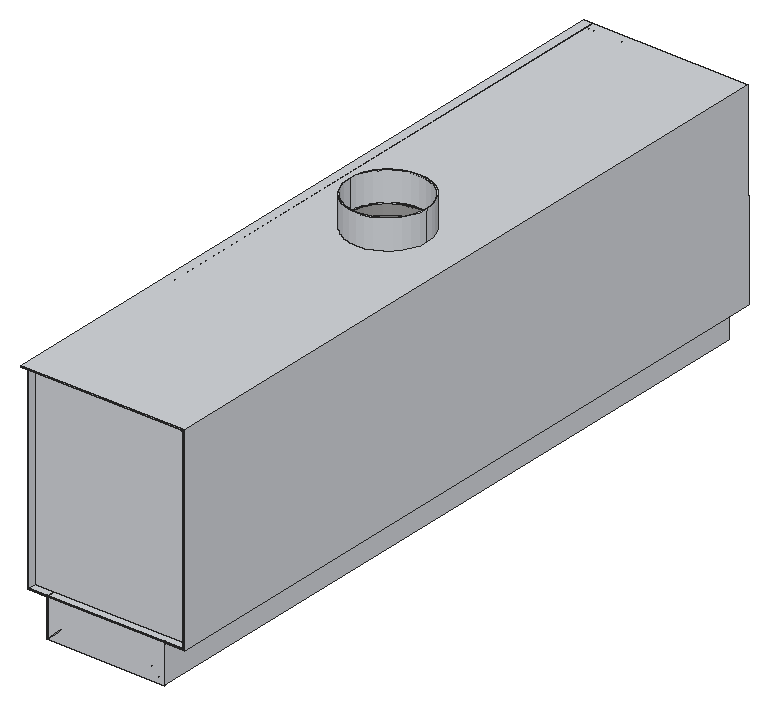
Revit family "Plenum (P-N, P-L) (Arrangement G)", category Mechanical Equipment, Revit 2015
Parameters
  Width = 0' - 6"
  URL = "https://unitedenertech.com/catalog/pdf/I_2%20Model%20P-N,%20P-L,%20P-EX,%20P-N-SL,%20P-L-SL,%20P-EX-SL.pdf"
  Type Comments = "Consult Factory for Max. Sizes"
  P-L (Insulation Option) = yes
  Model = "P-N / P-L (Arrangement G)"
  Manufacturer = "United Enertech Corporation"
  Length = 3' - 0"
  Keynote = "Model Shown without Damper Option. Consult Factory for Models with Dampers."
  Inlet Size = 0' - 4"
  Inlet Radius OD [instance] = Inlet Size / 2  # 0' - 2"
  Inlet Radius ID [instance] = Inlet Radius OD - 0' 0 9/256"  # 0' - 1 247/256"
  Hem Option = yes
  Height = 1' - 0"
  Description = "Plenum for Diffusers"
  B = 0' - 1"
  A = 0' - 2"
Reference planes (in)
  plane 1 "Center (Front/Back)": y = 0
  plane 2: z = 0
  plane 3 "Center (Left/Right)": x = 0
  plane 4: x = 8
  plane 5: x = 0.035
  plane 6: x = 7.965
  plane 7: z = 12
  plane 8: z = 11.965
  plane 9: z = 11.93
  plane 10: z = 11
  plane 11: z = 2
  plane 12: z = 7
  plane 13: z = 9
  plane 14: y = 18
  plane 15: y = -18
  plane 16: y = 2
  plane 17: y = -2
  plane 18: y = -17.965
  plane 19: y = 17.965
  plane 20: x = -0.375
  plane 21: y = 17.59
  plane 22: y = 17.55484
  plane 23: y = -17.59
  plane 24: y = -17.55484
  plane 25: z = 1.96484
  plane 26: x = 0.07016
  plane 27: x = 7.92984
  plane 28: y = 17.05484
  plane 29: x = 0.57016
  plane 30: x = 7.42984
  plane 31: y = -17.05484
  plane 32: z = 11.43
  plane 33: x = 4
  plane 34: x = 1
  plane 35: x = 7
  plane 36: z = 1.92969
  plane 37: x = 1.03516
  plane 38: x = 6.96484
  plane 39: z = 13.5
Forms (in)
  Extrusion 1, solid
    sketch origin (0, 0, 0) x (1, 0, 0) y (0, 0, 1)
      loop
        line (-0.375, 12) -> (-0.375, 11.965) -> (7.965, 11.965) -> (7.965, 1.96484) -> (6.96484, 1.96484) -> (6.96484, 0) -> (7, 0) -> (7, 1.92969) -> (8, 1.92969) -> (8, 12) -> (-0.375, 12)
    from -17.965 to 17.965
  Extrusion 2, solid
    sketch origin (0, 0, 0) x (1, 0, 0) y (0, 0, 1)
      loop
        line (-0.375, 11.965) -> (-0.375, 11.93) -> (0, 11.93) -> (0, 1.92969) -> (1, 1.92969) -> (1, 0) -> (1.03516, 0) -> (1.03516, 1.96484) -> (0.035, 1.96484) -> (0.035, 11.965) -> (-0.375, 11.965)
    from -17.965 to 17.965
  Extrusion 3, solid
    sketch origin (0, 0, 0) x (0, 1, 0) y (0, 0, 1)
      loop
        line (17.965, 11.965) -> (17.55484, 11.965) -> (17.55484, 1.96484) -> (18, 1.96484) -> (18, 2) -> (17.59, 2) -> (17.59, 11.93) -> (17.965, 11.93) -> (17.965, 11.965)
    from 0.035 to 7.965
  Extrusion 4, solid
    sketch origin (0, 0, 0) x (0, 1, 0) y (0, 0, 1)
      loop
        line (-17.965, 11.965) -> (-17.965, 11.93) -> (-17.59, 11.93) -> (-17.59, 2) -> (-18, 2) -> (-18, 1.96484) -> (-17.55484, 1.96484) -> (-17.55484, 11.965) -> (-17.965, 11.965)
    from 0.035 to 7.965
  Extrusion 5, solid
    sketch origin (0, 0, 0) x (1, 0, 0) y (0, 0, 1)
      loop
        line (0.035, 2) -> (0.07016, 2) -> (0.07016, 11.93) -> (0.035, 11.93) -> (0.035, 2)
    from 17.59 to 17.965
  Extrusion 6, solid
    sketch origin (0, 0, 0) x (1, 0, 0) y (0, 0, 1)
      loop
        line (0.035, 2) -> (0.07016, 2) -> (0.07016, 11.93) -> (0.035, 11.93) -> (0.035, 2)
    from -17.965 to -17.59
  Extrusion 7, solid
    sketch origin (0, 0, 0) x (1, 0, 0) y (0, 0, 1)
      loop
        line (7.92984, 2) -> (7.965, 2) -> (7.965, 11.93) -> (7.92984, 11.93) -> (7.92984, 2)
    from 17.59 to 17.965
  Extrusion 8, solid
    sketch origin (0, 0, 0) x (1, 0, 0) y (0, 0, 1)
      loop
        line (7.92984, 2) -> (7.965, 2) -> (7.965, 11.93) -> (7.92984, 11.93) -> (7.92984, 2)
    from -17.965 to -17.59
  Extrusion 9, solid, material "Rigid insulation", visible <- "P-L (Insulation Option)"
    sketch origin (0, 0, 0) x (1, 0, 0) y (0, 0, 1)
      loop
        line (0.07016, 11.43) -> (7.92984, 11.43) -> (7.92984, 11.93) -> (0.07016, 11.93) -> (0.07016, 11.43)
    from -17.55484 to 17.55484
  Extrusion 10, solid, material "Rigid insulation", visible <- "P-L (Insulation Option)"
    sketch origin (0, 0, 0) x (1, 0, 0) y (0, 1, 0)
      loop
        line (0.57016, -17.05484) -> (7.42984, -17.05484) -> (7.42984, 17.05484) -> (0.57016, 17.05484) -> (0.57016, -17.05484)
      loop
        line (0.07016, -17.55484) -> (7.92984, -17.55484) -> (7.92984, 17.55484) -> (0.07016, 17.55484) -> (0.07016, -17.55484)
    from 2 to 11.43
  Extrusion 11, solid, visible <- "Hem Option"
    sketch origin (0, 0, 0) x (1, 0, 0) y (0, 0, 1)
      loop
        line (1.03516, 0) -> (1.74226, 0.70711) -> (1.7174, 0.73197) -> (1.03516, 0.04972) -> (1.03516, 0)
    from -17.965 to 17.965
  Extrusion 12, solid, visible <- "Hem Option"
    sketch origin (0, 0, 0) x (1, 0, 0) y (0, 0, 1)
      loop
        line (6.96484, 0) -> (6.96484, 0.04972) -> (6.2826, 0.73197) -> (6.25774, 0.70711) -> (6.96484, 0)
    from -17.965 to 17.965
  Extrusion 13, solid
    sketch origin (0, 0, 0) x (0, 1, 0) y (0, 0, 1)
      loop
        line (18, 2) -> (17.965, 2) -> (17.965, 0) -> (18, 0) -> (18, 2)
    from 1 to 7
  Extrusion 14, solid
    sketch origin (0, 0, 0) x (0, 1, 0) y (0, 0, 1)
      loop
        line (-17.965, 2) -> (-18, 2) -> (-18, 0) -> (-17.965, 0) -> (-17.965, 2)
    from 1 to 7
  Extrusion 15, void
    sketch origin (0, 0, 0) x (1, 0, 0) y (0, 1, 0)
      loop
        circle (4, 0) r 1.96484
    from 11 to 13.5
  Extrusion 16, solid
    sketch origin (0, 0, 0) x (1, 0, 0) y (0, 1, 0)
      loop
        circle (4, 0) r 2
      loop
        circle (4, 0) r 1.96484
    from 12 to 13.5
Cuts and joins
  Extrusion 15 cuts Extrusion 1
  Extrusion 15 cuts Extrusion 9
Dimensions and locks (in)
  locked: plane 3 "Center (Left/Right)" to plane 5 at 0.035
  locked: plane 6 to plane 4 at 0.035
  locked: plane 7 to plane 8 at 0.035
  locked: plane 8 to plane 9 at 0.035
  locked: plane 7 to plane 10 at 1
  "Height": plane 7 to level
  "A": plane 11 to level
  equal spacing: plane 10, plane 13, plane 12
  "Inlet Size": plane 10 to plane 12
  equal spacing: plane 14, plane 1 "Center (Front/Back)", plane 15
  "Length": plane 14 to plane 15
  equal spacing: plane 16, plane 1 "Center (Front/Back)", plane 17
  "Inlet Size": plane 16 to plane 17
  locked: plane 18 to plane 15 at 0.035
  locked: plane 19 to plane 14 at 0.035
  locked: plane 3 "Center (Left/Right)" to plane 20 at 0.375
  locked: plane 19 to plane 21 at 0.375
  locked: plane 21 to plane 22 at 0.03516
  locked: plane 23 to plane 18 at 0.375
  locked: plane 24 to plane 23 at 0.03516
  locked: plane 11 to plane 25 at 0.03516
  locked: plane 26 to plane 5 at 0.03516
  locked: plane 27 to plane 6 at 0.03516
  locked: plane 22 to plane 28 at 0.5
  locked: plane 26 to plane 29 at 0.5
  locked: plane 30 to plane 27 at 0.5
  locked: plane 31 to plane 24 at 0.5
  locked: plane 9 to plane 32 at 0.5
  locked: Extrusion 11 sketch curve to Extrusion 11 sketch curve at 1
  locked: Extrusion 12 sketch curve to Extrusion 12 sketch curve at 1
  equal spacing: plane 4, plane 33, plane 3 "Center (Left/Right)"
  equal spacing: plane 35, plane 33, plane 34
  "Width": plane 35 to plane 34
  "B": plane 34 to plane 3 "Center (Left/Right)"
  locked: plane 25 to plane 36 at 0.03516
  locked: plane 37 to plane 34 at 0.03516
  locked: plane 35 to plane 38 at 0.03516
  locked: plane 39 to plane 7 at 1.5
  "Inlet Radius ID": radius of Extrusion 15 sketch curve
  "Inlet Radius ID": radius of Extrusion 16 sketch curve
  "Inlet Radius OD": radius of Extrusion 16 sketch curve
  locked: level to Extrusion 11 sketch curve (angle 45.00°)
  locked: Extrusion 12 sketch curve to level (angle 45.00°)
  aligned and locked: level to plane 2
  aligned and locked: plane 20 to Extrusion 1 sketch curve
  aligned and locked: Extrusion 1 sketch curve to plane 7
  aligned and locked: plane 4 to Extrusion 1 sketch curve
  aligned and locked: Extrusion 1 sketch curve to plane 6
  aligned and locked: plane 8 to Extrusion 1 sketch curve
  aligned and locked: Extrusion 1 to plane 19
  aligned and locked: Extrusion 1 to plane 18
  aligned and locked: Extrusion 2 sketch curve to plane 8
  aligned and locked: plane 20 to Extrusion 2 sketch curve
  aligned and locked: plane 9 to Extrusion 2 sketch curve
  aligned and locked: Extrusion 2 sketch curve to plane 5
  aligned and locked: plane 3 "Center (Left/Right)" to Extrusion 2 sketch curve
  aligned and locked: Extrusion 2 to plane 18
  aligned and locked: Extrusion 2 to plane 19
  aligned and locked: Extrusion 3 sketch curve to plane 8
  aligned and locked: plane 19 to Extrusion 3 sketch curve
  aligned and locked: plane 9 to Extrusion 3 sketch curve
  aligned and locked: Extrusion 3 sketch curve to plane 14
  aligned and locked: plane 25 to Extrusion 3 sketch curve
  aligned and locked: Extrusion 3 sketch curve to plane 11
  aligned and locked: plane 21 to Extrusion 3 sketch curve
  aligned and locked: Extrusion 3 sketch curve to plane 22
  aligned and locked: Extrusion 3 to plane 5
  aligned and locked: Extrusion 3 to plane 6
  aligned and locked: plane 8 to Extrusion 4 sketch curve
  aligned and locked: Extrusion 4 sketch curve to plane 18
  aligned and locked: Extrusion 4 sketch curve to plane 9
  aligned and locked: Extrusion 4 sketch curve to plane 15
  aligned and locked: Extrusion 4 sketch curve to plane 25
  aligned and locked: plane 11 to Extrusion 4 sketch curve
  aligned and locked: Extrusion 4 sketch curve to plane 23
  aligned and locked: plane 24 to Extrusion 4 sketch curve
  aligned and locked: Extrusion 4 to plane 5
  aligned and locked: Extrusion 4 to plane 6
  aligned and locked: plane 9 to Extrusion 5 sketch curve
  aligned and locked: Extrusion 5 sketch curve to plane 5
  aligned and locked: plane 26 to Extrusion 5 sketch curve
  aligned and locked: Extrusion 5 sketch curve to plane 11
  aligned and locked: Extrusion 6 to plane 19
  aligned and locked: plane 21 to Extrusion 6
  aligned and locked: plane 23 to Extrusion 5
  aligned and locked: Extrusion 5 to plane 18
  aligned and locked: Extrusion 7 sketch curve to plane 11
  aligned and locked: Extrusion 7 sketch curve to plane 6
  aligned and locked: Extrusion 7 sketch curve to plane 27
  aligned and locked: plane 9 to Extrusion 7 sketch curve
  aligned and locked: Extrusion 8 to plane 19
  aligned and locked: plane 21 to Extrusion 8
  aligned and locked: Extrusion 7 to plane 18
  aligned and locked: plane 23 to Extrusion 7
  aligned and locked: plane 9 to Extrusion 9 sketch curve
  aligned and locked: plane 27 to Extrusion 9 sketch curve
  aligned and locked: Extrusion 9 sketch curve to plane 26
  aligned and locked: Extrusion 9 sketch curve to plane 32
  aligned and locked: Extrusion 9 to plane 24
  aligned and locked: Extrusion 9 to plane 22
  aligned and locked: Extrusion 10 sketch curve to plane 26
  aligned and locked: Extrusion 10 sketch curve to plane 22
  aligned and locked: plane 27 to Extrusion 10 sketch curve
  aligned and locked: Extrusion 10 sketch curve to plane 24
  aligned and locked: Extrusion 10 sketch curve to plane 31
  aligned and locked: Extrusion 10 sketch curve to plane 29
  aligned and locked: plane 30 to Extrusion 10 sketch curve
  aligned and locked: plane 28 to Extrusion 10 sketch curve
  aligned and locked: Extrusion 10 to plane 11
  aligned and locked: plane 32 to Extrusion 10
  aligned and locked: level to Extrusion 11 sketch curve
  aligned and locked: Extrusion 11 to plane 18
  aligned and locked: Extrusion 11 to plane 19
  aligned and locked: level to Extrusion 12 sketch curve
  aligned and locked: Extrusion 12 to plane 19
  aligned and locked: Extrusion 12 to plane 18
  aligned and locked: plane 25 to Extrusion 2 sketch curve
  aligned and locked: Extrusion 2 sketch curve to plane 36
  aligned and locked: Extrusion 2 sketch curve to plane 34
  aligned and locked: Extrusion 2 sketch curve to level
  aligned and locked: Extrusion 2 sketch curve to plane 37
  aligned and locked: Extrusion 11 sketch curve to plane 37
  aligned and locked: plane 38 to Extrusion 12 sketch curve
  aligned and locked: plane 36 to Extrusion 1 sketch curve
  aligned and locked: Extrusion 1 sketch curve to plane 25
  aligned and locked: level to Extrusion 1 sketch curve
  aligned and locked: plane 38 to Extrusion 1 sketch curve
  aligned and locked: Extrusion 1 sketch curve to plane 35
  aligned and locked: Extrusion 13 sketch curve to level
  aligned and locked: plane 19 to Extrusion 13 sketch curve
  aligned and locked: Extrusion 13 sketch curve to plane 11
  aligned and locked: plane 14 to Extrusion 13 sketch curve
  aligned and locked: Extrusion 13 to plane 34
  aligned and locked: plane 35 to Extrusion 13
  aligned and locked: plane 11 to Extrusion 14 sketch curve
  aligned and locked: plane 18 to Extrusion 14 sketch curve
  aligned and locked: Extrusion 14 sketch curve to level
  aligned and locked: Extrusion 14 sketch curve to plane 15
  aligned and locked: Extrusion 14 to plane 34
  aligned and locked: plane 35 to Extrusion 14
  aligned and locked: plane 39 to Extrusion 15
  aligned and locked: Extrusion 15 to plane 10
  aligned and locked: plane 39 to Extrusion 16
  aligned and locked: Extrusion 16 to plane 7
Automatic sketch dimensions
  Extrusion 6 sketch curve to plane 5 = 0' - 0"
  Extrusion 6 sketch curve to plane 9 = 0' - 0"
  Extrusion 6 sketch curve to plane 26 = 0' - 0"
  Extrusion 6 sketch curve to plane 11 = 0' - 0"
  Extrusion 8 sketch curve to plane 9 = 0' - 0"
  Extrusion 8 sketch curve to plane 27 = 0' - 0"
  plane 6 to Extrusion 8 sketch curve = 0' - 0"
  Extrusion 8 sketch curve to plane 11 = 0' - 0"
  Extrusion 11 sketch curve to Extrusion 11 sketch curve = 0' - 0.02486"
  Extrusion 12 sketch curve to Extrusion 12 sketch curve = 0' - 0.02486"
  plane 1 "Center (Front/Back)" to Extrusion 15 sketch curve = 0' - 0"
  Extrusion 15 sketch curve to plane 33 = 0' - 0"
  Extrusion 16 sketch curve to Extrusion 16 sketch curve = 0' - 0"  (x2)
  plane 1 "Center (Front/Back)" to Extrusion 16 sketch curve = 0' - 0"
  Extrusion 16 sketch curve to plane 33 = 0' - 0"
